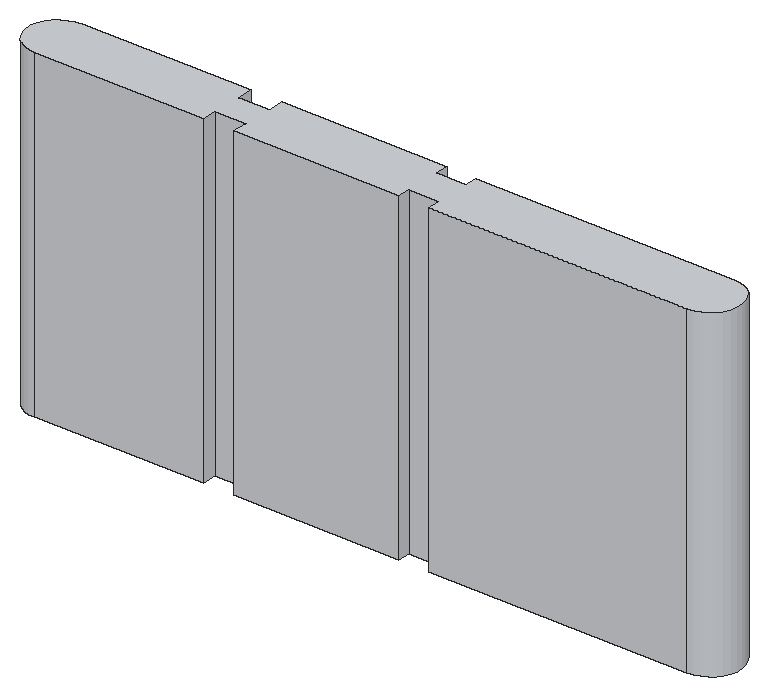
Revit family "闸墩 - 中墩", category 结构柱, Revit 2019
Family settings
  横断面形状 = 未定义
  用于模型行为的材质 = 其他
  始终导出为几何图形 = 否
  平面中的梁缩进 = 从边界框
  OmniClass 编号 = 23.25.30.11.14.11
  OmniClass 标题 = Columns
  加载时剪切的空心 = 否
  符号表示法 = 从族
  共享 = 否
  在平面视图中显示族的预剪切 = 是
Parameters (values of type "中墩 - C25")
  槽2深度 = 250 mm
  槽2宽度 = 600 mm
  槽2位置 = 8000 mm
  槽1深度 = 300 mm
  槽1宽度 = 620 mm
  槽1位置 = 4030 mm
  型号 = "LOCK_CHAMBER_PIER_MIDDLE"
  中墩宽度 = 1200 mm
  中墩长度 [instance] = 14440 mm
Reference planes
  plane 1 "中心(前/后)": y = 0
  plane 2: z = 0
  plane 3 "中心(左/右)": x = 0
  plane 4 "左": x = -7220
  plane 5 "右": x = 7220
  plane 6 "后": y = 600
  plane 7 "前": y = -600
  plane 8: x = -6620
  plane 9: x = 6620
  plane 10: x = -3190
  plane 11: x = 780
  plane 12: x = 1380
  plane 13: y = -300
  plane 14: y = -350
  plane 15: x = -2570
  plane 16: y = 300
  plane 17: y = 350
Forms (mm)
  Extrusion 1, solid
    sketch origin (0, 0, 0) x (1, 0, 0) y (0, 1, 0)
      loop
        arc (-6620, 600) -> (-7220, 0) -> (-6620, -600) r 600
        line (-6620, -600) -> (6620, -600)
        arc (6620, -600) -> (7220, 0) -> (6620, 600) r 600
        line (6620, 600) -> (-6620, 600)
    from 0 to 6620
  Extrusion 2, void
    sketch origin (0, 0, 0) x (1, 0, 0) y (0, 1, 0)
      loop
        line (-3190, -300) -> (-3190, -600) -> (-2570, -600) -> (-2570, -300) -> (-3190, -300)
      loop
        line (780, -350) -> (780, -600) -> (1380, -600) -> (1380, -350) -> (780, -350)
      loop
        line (780, 600) -> (780, 350) -> (1380, 350) -> (1380, 600) -> (780, 600)
      loop
        line (-3190, 600) -> (-3190, 300) -> (-2570, 300) -> (-2570, 600) -> (-3190, 600)
    from 0 to 6620
Cuts and joins
  Extrusion 2 cuts Extrusion 1
Dimensions and locks
  equal spacing: plane 4 "左", plane 3 "中心(左/右)", plane 5 "右"
  equal spacing: plane 7 "前", plane 1 "中心(前/后)", plane 6 "后"
  "中墩长度": plane 4 "左" to plane 5 "右"
  "中墩宽度": plane 7 "前" to plane 6 "后"
  plane 4 "左" to plane 8 = 600 mm
  plane 9 to plane 5 "右" = 600 mm
  "槽1位置": plane 4 "左" to plane 10
  "槽1宽度": plane 10 to plane 15
  "槽2位置": plane 4 "左" to plane 11
  "槽2宽度": plane 11 to plane 12
  "槽1深度": plane 7 "前" to plane 13
  "槽2深度": plane 7 "前" to plane 14
  "槽1深度": plane 16 to plane 6 "后"
  "槽2深度": plane 17 to plane 6 "后"
  aligned and locked: level to plane 2
  aligned and locked: plane 6 "后" to Extrusion 1 sketch curve
  aligned and locked: Extrusion 1 sketch curve to plane 7 "前"
  aligned and locked: Extrusion 1 to level  (x2)
  aligned and locked: level to cut or joined group of Extrusion 1, Extrusion 2
  aligned and locked: cut or joined group of Extrusion 1, Extrusion 2 to level  (x2)
  aligned and locked: plane 16 to cut or joined group of Extrusion 1, Extrusion 2
  aligned and locked: cut or joined group of Extrusion 1, Extrusion 2 to plane 10  (x2)
  aligned and locked: plane 15 to cut or joined group of Extrusion 1, Extrusion 2  (x2)
  aligned and locked: plane 13 to cut or joined group of Extrusion 1, Extrusion 2
  aligned and locked: cut or joined group of Extrusion 1, Extrusion 2 to plane 17
  aligned and locked: plane 12 to cut or joined group of Extrusion 1, Extrusion 2  (x2)
  aligned and locked: cut or joined group of Extrusion 1, Extrusion 2 to plane 11  (x2)
  aligned and locked: plane 14 to cut or joined group of Extrusion 1, Extrusion 2
Automatic sketch dimensions
  Extrusion 1 sketch curve to plane 8 = 0 mm
  Extrusion 1 sketch curve to plane 9 = 0 mm
  Extrusion 2 sketch curve to plane 10 = 0 mm  (x2)
  Extrusion 2 sketch curve to plane 13 = 0 mm
  Extrusion 2 sketch curve to plane 15 = 0 mm  (x2)
  plane 6 "后" to Extrusion 2 sketch curve = 0 mm  (x2)
  Extrusion 2 sketch curve to plane 11 = 0 mm  (x2)
  plane 7 "前" to Extrusion 2 sketch curve = 0 mm  (x2)
  Extrusion 2 sketch curve to plane 12 = 0 mm  (x2)
  Extrusion 2 sketch curve to plane 14 = 0 mm
  plane 16 to Extrusion 2 sketch curve = 0 mm
  plane 17 to Extrusion 2 sketch curve = 0 mm
